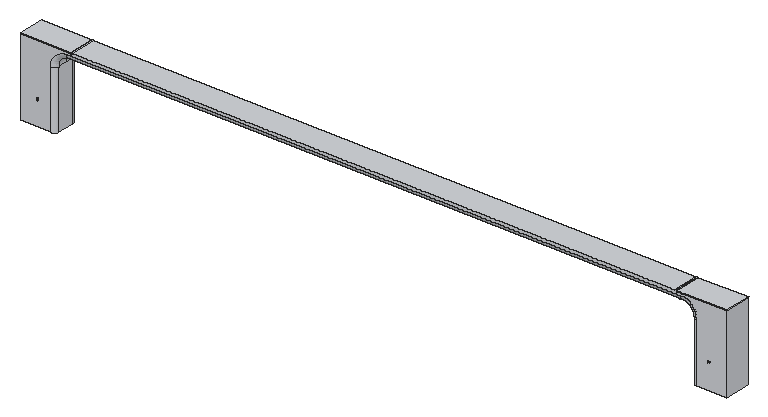
Revit family "Accessory-Towel_Bar-KOHLER-STRAYT-K-37347T_1", category Specialty Equipment, host Face, Revit 2017
Family settings
  Host = Face
  Round Connector Dimension = Use Diameter
  Part Type = Normal
  OmniClass Number = 23.40.20.21.27
  OmniClass Title = Towel Bars
  Cut with Voids When Loaded = No
  Shared = No
  Room Calculation Point = No
Parameters (values of type "CP-Polished Chrome")
  Without Patern = Type = 1  # yes
  Width = 24.01575"  # constant formula
  White Color = Type = 3  # no
  WaterSense Certified = 1 = 0  # no
  URL = "http://www.kohler.com.cn/"
  Type = 1
  Red Color = Type = 2  # no
  Product Page URL = "https://www.kohler.com.cn/product/K-37347T-CP/K-37347T-CP/"
  Product Name = "STRAYT"  # constant formula
  Product Documentation Link = "https://files.kohler.com.cn/pdfs/ri_37347t.pdf"
  Patern Design = or(Type = 2, Type = 3)  # no
  Model = if(Type = 1, "K-37347T-CP", if(Type = 2, "K-37347T-DPR-CP", if(Type = 3, "K-37347T-DPW-CP", "NA")))  # "K-37347T-CP"
  Material = "Solid Brass Construction"  # constant formula
  Master Format 2014 Name = "Toilet, Bath, and Laundry Accessories"  # constant formula
  Master Format 2014 = "10 28 00"  # constant formula
  Manufacturer Address = "Kohler Beijing Office (100016) 36-2-03-B, No. 88, Liuxiang Road, Beijing"  # constant formula
  Manufacturer = "KOHLER Co."  # constant formula
  Length = 2 51/64"  # constant formula
  Height = 0.94488"  # constant formula
  Finish = Kohler-Metal-CP-Polished_Chrome
  Environmental Product Declaration = ""
  Description = "STRAYT Slei 24"  # constant formula
  Default Elevation = 42"
  Declare Label = ""
  Date Modified = "08/28/2020"  # constant formula
  Date Created = "08/28/2020"  # constant formula
  Copyright = "Copyright KOHLER Co."  # constant formula
  Contact Us = "http://www.kohler.com.cn/contact/contact-us/"
  Assembly Code = "C1030200"
  ADA Compliant = 1 = 0  # no
Reference planes (in)
  plane 1 "Center (Front/Back)": y = 0
  plane 2: z = 0
  plane 3 "Center (Left/Right)": x = 0
  plane 4: y = 0.47244
  plane 5: y = -0.47244
  plane 6: x = -12.6378
  plane 7: x = 12.6378
  plane 8: x = -12.00787
  plane 9: x = 12.00787
  plane 10: x = 11.37795
  plane 11: x = -11.37795
  plane 12: x = -10.82677
  plane 13: x = 10.82677
  plane 14: z = 2.79687
  plane 15: z = 2.68344
  plane 16: z = 2.51906
  plane 17: x = -11.54331
  plane 18: x = 11.54331
  plane 19: z = 0.90551
Dimensions and locks (in)
  "Height": plane 4 to plane 5
  level to plane 16 = 2.51906"
  "Length": plane 14 to level
  locked: plane 7 to plane 10 at 1.25984
  locked: plane 6 to plane 11 at 1.25984
  "Width": plane 8 to plane 9
  locked: plane 6 to plane 7 at 25.27559
  aligned and locked: plane 2 to host face
  aligned and locked: level to host face
Automatic sketch dimensions
  host sketch curve to host sketch curve = 96"  (x2)
Nested families (in)
  nested 1: "K-37347T" at (0, 0, 0), type "K-37347T"
Definition of nested family "K-37347T"
  Parameters (values of type "K-37347T")
    Without patern = yes
    White Color = yes
    Red Color = yes
    Patern = yes
    Material = none
  Reference planes (in)
    plane 1 "Center (Front/Back)": y = 0
    plane 2: z = 0
    plane 3 "Center (Left/Right)": x = 0
    plane 4: y = 0.47244
    plane 5: y = -0.47244
    plane 6: x = 12.6378
    plane 7: x = 10.7838
    plane 8: x = -12.6378
    plane 9: x = -11.54331
    plane 10: x = -11.37795
    plane 11: x = 11.54331
    plane 12: x = 11.37795
    plane 13: x = -12.00796
    plane 14: x = 12.00779
    plane 15: z = 2.79723
    plane 16: z = 2.51906
    plane 17: z = 2.68344
    plane 18: z = 0.90551
    plane 19: x = -10.7838
  Forms (in)
    Sweep 1, solid, material <- "Material", detail levels medium+fine
      path origin (0, 0, 0) x (1, 0, 0) y (0, 0, 1)
        loop
          line (-11.37795, 0) -> (-11.37795, 2.11382)
          arc (-11.37795, 2.11382) -> (-11.25918, 2.40056) -> (-10.97244, 2.51933) r 0.40551
          line (-10.97244, 2.51933) -> (10.97244, 2.51933)
          arc (10.97244, 2.51933) -> (11.25918, 2.40056) -> (11.37795, 2.11382) r 0.40551
          line (11.37795, 2.11382) -> (11.37795, 0)
      profile origin (0, 0, 2.51933) x (0, 0, 1) y (0, -1, 0)
        loop
          arc (0, -0.30709) -> (0.04843, -0.42401) -> (0.16535, -0.47244) r 0.16535
          line (0.16535, -0.47244) -> (0.16535, 0.47244)
          arc (0.16535, 0.47244) -> (0.04843, 0.42401) -> (0, 0.30709) r 0.16535
          line (0, 0.30709) -> (0, 0) -> (0, -0.30709)
    Extrusion 2, solid, material <- "Material", detail levels medium+fine
      sketch origin (0, 0, -0.25) x (1, 0, 0) y (0, 0, 1)
        loop
          line (-10.82677, 3.04709) -> (-10.82677, 3.01603) -> (-12.63682, 3.01603) -> (-12.63682, 0.25254) -> (-11.54331, 0.25254) -> (-11.54331, 2.36382)
          arc (-11.54331, 2.36382) -> (-11.3761, 2.76749) -> (-10.97244, 2.93469) r 0.57087
          line (-10.97244, 2.93469) -> (10.97244, 2.93469)
          arc (10.97244, 2.93469) -> (11.3761, 2.76749) -> (11.54331, 2.36382) r 0.57087
          line (11.54331, 2.36382) -> (11.54331, 0.25) -> (12.6378, 0.25) -> (12.6378, 3.01407) -> (10.82677, 3.01407) -> (10.82677, 3.04709) -> (-10.82677, 3.04709)
      from -0.47244 to 0.47244
    Extrusion 3, solid, material <- "Material", visible <- "Without patern", detail levels medium+fine
      sketch origin (0.00098, 0, -2.79504) x (1, 0, 0) y (0, 0, 1)
        loop
          line (-10.82677, 5.59055) -> (-12.6378, 5.59055) -> (-12.6378, 5.55912) -> (-10.82677, 5.55912) -> (-10.82677, 5.59055)
        loop
          line (10.82677, 5.59055) -> (10.82677, 5.55912) -> (12.6378, 5.55912) -> (12.6378, 5.59055) -> (10.82677, 5.59055)
      from -0.47244 to 0.47244
    Extrusion 4, void
      sketch origin (0, 0, -2.79529) x (1, 0, 0) y (0, 1, 0)
        loop
          line (-11.98474, 0.37402) -> (-12.28645, 0.37402)
          arc (-12.28645, 0.37402) -> (-12.29815, 0.36508) -> (-12.29262, 0.35143) r 0.01214
          line (-12.29262, 0.35143) -> (-11.90446, 0.12204)
          arc (-11.90446, 0.12204) -> (-11.88894, 0.12323) -> (-11.88471, 0.13821) r 0.01359
          line (-11.88471, 0.13821) -> (-11.96087, 0.35705)
          arc (-11.96087, 0.35705) -> (-11.97009, 0.36934) -> (-11.98474, 0.37402) r 0.02528
        loop
          line (-11.86034, 0.2294) -> (-11.73937, 0.18573)
          arc (-11.73937, 0.18573) -> (-11.72325, 0.18595) -> (-11.71127, 0.19672) r 0.02289
          line (-11.71127, 0.19672) -> (-11.63192, 0.34968)
          arc (-11.63192, 0.34968) -> (-11.63247, 0.36601) -> (-11.64671, 0.37402) r 0.01666
          line (-11.64671, 0.37402) -> (-11.89669, 0.37402)
          arc (-11.89669, 0.37402) -> (-11.91314, 0.36553) -> (-11.91575, 0.3472) r 0.02018
          line (-11.91575, 0.3472) -> (-11.8826, 0.25193)
          arc (-11.8826, 0.25193) -> (-11.87401, 0.23815) -> (-11.86034, 0.2294) r 0.03681
        loop
          line (-11.94585, -0.1532) -> (-11.82863, -0.08535)
          arc (-11.82863, -0.08535) -> (-11.8176, -0.07227) -> (-11.81742, -0.05517) r 0.02528
          line (-11.81742, -0.05517) -> (-11.84614, 0.02736)
          arc (-11.84614, 0.02736) -> (-11.85514, 0.04343) -> (-11.86911, 0.05542) r 0.05272
          line (-11.86911, 0.05542) -> (-11.92807, 0.09026)
          arc (-11.92807, 0.09026) -> (-11.9443, 0.09421) -> (-11.95997, 0.08843) r 0.02868
          line (-11.95997, 0.08843) -> (-12.06822, 0.00644)
          arc (-12.06822, 0.00644) -> (-12.0774, -0.00952) -> (-12.0723, -0.02723) r 0.0236
          line (-12.0723, -0.02723) -> (-11.97449, -0.14792)
          arc (-11.97449, -0.14792) -> (-11.96114, -0.15585) -> (-11.94585, -0.1532) r 0.02241
        loop
          line (-11.66176, 0.15772) -> (-11.45307, 0.08238)
          arc (-11.45307, 0.08238) -> (-11.43856, 0.08612) -> (-11.43675, 0.101) r 0.01329
          line (-11.43675, 0.101) -> (-11.56337, 0.34552)
          arc (-11.56337, 0.34552) -> (-11.57654, 0.35354) -> (-11.58972, 0.34553) r 0.01484
          line (-11.58972, 0.34553) -> (-11.67268, 0.18562)
          arc (-11.67268, 0.18562) -> (-11.67355, 0.1692) -> (-11.66176, 0.15772) r 0.01992
        loop
          line (-11.52194, 0.35113) -> (-11.45077, 0.21368)
          arc (-11.45077, 0.21368) -> (-11.44037, 0.20138) -> (-11.42568, 0.19478) r 0.03629
          line (-11.42568, 0.19478) -> (-11.0758, 0.1246)
          arc (-11.0758, 0.1246) -> (-11.06273, 0.13102) -> (-11.06553, 0.14531) r 0.01197
          line (-11.06553, 0.14531) -> (-11.31162, 0.36235)
          arc (-11.31162, 0.36235) -> (-11.32599, 0.371) -> (-11.34248, 0.37402) r 0.04665
          line (-11.34248, 0.37402) -> (-11.50802, 0.37402)
          arc (-11.50802, 0.37402) -> (-11.52141, 0.36649) -> (-11.52194, 0.35113) r 0.01568
        loop
          line (-11.57826, 0.08572) -> (-11.83035, 0.17672)
          arc (-11.83035, 0.17672) -> (-11.84611, 0.17326) -> (-11.84976, 0.15754) r 0.01511
          line (-11.84976, 0.15754) -> (-11.78383, -0.03191)
          arc (-11.78383, -0.03191) -> (-11.77189, -0.0441) -> (-11.75488, -0.04266) r 0.02002
          line (-11.75488, -0.04266) -> (-11.57604, 0.06087)
          arc (-11.57604, 0.06087) -> (-11.56923, 0.074) -> (-11.57826, 0.08572) r 0.01376
        loop
          line (-11.51731, 0.04937) -> (-11.62717, -0.01422)
          arc (-11.62717, -0.01422) -> (-11.63998, -0.0253) -> (-11.64783, -0.0403) r 0.04528
          line (-11.64783, -0.0403) -> (-11.6728, -0.12293)
          arc (-11.6728, -0.12293) -> (-11.6721, -0.13858) -> (-11.66176, -0.15034) r 0.0236
          line (-11.66176, -0.15034) -> (-11.51071, -0.23505)
          arc (-11.51071, -0.23505) -> (-11.49461, -0.23791) -> (-11.48022, -0.23016) r 0.02486
          line (-11.48022, -0.23016) -> (-11.35657, -0.09523)
          arc (-11.35657, -0.09523) -> (-11.3492, -0.07946) -> (-11.3522, -0.0623) r 0.029
          line (-11.3522, -0.0623) -> (-11.38455, 0.00017)
          arc (-11.38455, 0.00017) -> (-11.39719, 0.01631) -> (-11.41484, 0.02673) r 0.05523
          line (-11.41484, 0.02673) -> (-11.48546, 0.05222)
          arc (-11.48546, 0.05222) -> (-11.5017, 0.05432) -> (-11.51731, 0.04937) r 0.03789
        loop
          line (-11.72269, -0.06952) -> (-11.91851, -0.18287)
          arc (-11.91851, -0.18287) -> (-11.92748, -0.19558) -> (-11.92364, -0.21066) r 0.01859
          line (-11.92364, -0.21066) -> (-11.80914, -0.35193)
          arc (-11.80914, -0.35193) -> (-11.7937, -0.35753) -> (-11.78152, -0.34651) r 0.01593
          line (-11.78152, -0.34651) -> (-11.7026, -0.08543)
          arc (-11.7026, -0.08543) -> (-11.70723, -0.07064) -> (-11.72269, -0.06952) r 0.01378
        loop
          line (-11.5689, -0.27454) -> (-11.55158, -0.35276)
          arc (-11.55158, -0.35276) -> (-11.54208, -0.36805) -> (-11.5251, -0.37402) r 0.02712
          line (-11.5251, -0.37402) -> (-11.38916, -0.37402)
          arc (-11.38916, -0.37402) -> (-11.37759, -0.36508) -> (-11.38331, -0.35163) r 0.01196
          line (-11.38331, -0.35163) -> (-11.5482, -0.25916)
          arc (-11.5482, -0.25916) -> (-11.56353, -0.26014) -> (-11.5689, -0.27454) r 0.01413
        loop
          line (-11.2632, -0.05162) -> (-11.44171, -0.24641)
          arc (-11.44171, -0.24641) -> (-11.44656, -0.26259) -> (-11.43689, -0.27644) r 0.0194
          line (-11.43689, -0.27644) -> (-11.30606, -0.34981)
          arc (-11.30606, -0.34981) -> (-11.29013, -0.35023) -> (-11.28077, -0.33733) r 0.0171
          line (-11.28077, -0.33733) -> (-11.24108, -0.06211)
          arc (-11.24108, -0.06211) -> (-11.24827, -0.0487) -> (-11.2632, -0.05162) r 0.01281
        loop
          line (-12.31308, 0.28791) -> (-12.20109, -0.01541)
          arc (-12.20109, -0.01541) -> (-12.18915, -0.02655) -> (-12.17308, -0.02359) r 0.01817
          line (-12.17308, -0.02359) -> (-12.00187, 0.10609)
          arc (-12.00187, 0.10609) -> (-11.99502, 0.12091) -> (-12.00351, 0.13485) r 0.01735
          line (-12.00351, 0.13485) -> (-12.29211, 0.3054)
          arc (-12.29211, 0.3054) -> (-12.30877, 0.30405) -> (-12.31308, 0.28791) r 0.01449
        loop
          line (-12.14023, -0.0481) -> (-12.28097, -0.1547)
          arc (-12.28097, -0.1547) -> (-12.28608, -0.16889) -> (-12.27518, -0.17932) r 0.01383
          line (-12.27518, -0.17932) -> (-11.98523, -0.23396)
          arc (-11.98523, -0.23396) -> (-11.97152, -0.22778) -> (-11.97259, -0.21278) r 0.01314
          line (-11.97259, -0.21278) -> (-12.10234, -0.0527)
          arc (-12.10234, -0.0527) -> (-12.12035, -0.04273) -> (-12.14023, -0.0481) r 0.02744
        loop
          line (-12.42257, -0.23683) -> (-12.51395, -0.15213)
          arc (-12.51395, -0.15213) -> (-12.53029, -0.14936) -> (-12.53937, -0.16323) r 0.01513
          line (-12.53937, -0.16323) -> (-12.53937, -0.3184)
          arc (-12.53937, -0.3184) -> (-12.53072, -0.33262) -> (-12.51412, -0.33146) r 0.016
          line (-12.51412, -0.33146) -> (-12.42463, -0.26812)
          arc (-12.42463, -0.26812) -> (-12.41615, -0.25296) -> (-12.42257, -0.23683) r 0.02019
        loop
          line (-12.52628, 0.30607) -> (-12.32591, 0.13997)
          arc (-12.32591, 0.13997) -> (-12.31032, 0.13938) -> (-12.30571, 0.15428) r 0.01282
          line (-12.30571, 0.15428) -> (-12.37901, 0.35281)
          arc (-12.37901, 0.35281) -> (-12.39089, 0.36819) -> (-12.40945, 0.37402) r 0.03245
          line (-12.40945, 0.37402) -> (-12.50178, 0.37402)
          arc (-12.50178, 0.37402) -> (-12.53789, 0.34865) -> (-12.52628, 0.30607) r 0.03839
        loop
          line (-12.53937, 0.23593) -> (-12.53937, 0.02135)
          arc (-12.53937, 0.02135) -> (-12.52932, 0.00888) -> (-12.51499, 0.01605) r 0.01276
          line (-12.51499, 0.01605) -> (-12.4484, 0.16194)
          arc (-12.4484, 0.16194) -> (-12.44647, 0.18085) -> (-12.45644, 0.19704) r 0.02962
          line (-12.45644, 0.19704) -> (-12.51639, 0.24673)
          arc (-12.51639, 0.24673) -> (-12.53131, 0.24863) -> (-12.53937, 0.23593) r 0.01403
        loop
          line (-12.41716, 0.13558) -> (-12.51259, -0.07349)
          arc (-12.51259, -0.07349) -> (-12.51457, -0.09063) -> (-12.50614, -0.10569) r 0.02804
          line (-12.50614, -0.10569) -> (-12.46538, -0.14347) -> (-12.37532, -0.16045)
          arc (-12.37532, -0.16045) -> (-12.35891, -0.16008) -> (-12.34405, -0.15309) r 0.03963
          line (-12.34405, -0.15309) -> (-12.24091, -0.07497)
          arc (-12.24091, -0.07497) -> (-12.23157, -0.06142) -> (-12.23214, -0.04497) r 0.02623
          line (-12.23214, -0.04497) -> (-12.25513, 0.01728)
          arc (-12.25513, 0.01728) -> (-12.26411, 0.03433) -> (-12.27721, 0.04847) r 0.07365
          line (-12.27721, 0.04847) -> (-12.38984, 0.14183)
          arc (-12.38984, 0.14183) -> (-12.40505, 0.14545) -> (-12.41716, 0.13558) r 0.01764
        loop
          line (-12.46741, -0.37402) -> (-12.30835, -0.37402)
          arc (-12.30835, -0.37402) -> (-12.29602, -0.36561) -> (-12.29935, -0.35106) r 0.01324
          line (-12.29935, -0.35106) -> (-12.35962, -0.29519)
          arc (-12.35962, -0.29519) -> (-12.37531, -0.28843) -> (-12.39175, -0.29307) r 0.02555
          line (-12.39175, -0.29307) -> (-12.47452, -0.35167)
          arc (-12.47452, -0.35167) -> (-12.47914, -0.36544) -> (-12.46741, -0.37402) r 0.01231
        loop
          arc (-12.36809, -0.20064) -> (-12.38223, -0.20763) -> (-12.37944, -0.22315) r 0.01312
          line (-12.37944, -0.22315) -> (-12.21669, -0.37402) -> (-12.17058, -0.37402) -> (-12.09977, -0.27498)
          arc (-12.09977, -0.27498) -> (-12.09788, -0.25929) -> (-12.1101, -0.24927) r 0.01644
          line (-12.1101, -0.24927) -> (-12.36809, -0.20064)
        loop
          line (-11.9327, -0.28392) -> (-12.02601, -0.26634)
          arc (-12.02601, -0.26634) -> (-12.04349, -0.26828) -> (-12.0569, -0.27967) r 0.03007
          line (-12.0569, -0.27967) -> (-12.10286, -0.35139)
          arc (-12.10286, -0.35139) -> (-12.10338, -0.36637) -> (-12.09049, -0.37402) r 0.0147
          line (-12.09049, -0.37402) -> (-11.87364, -0.37402)
          arc (-11.87364, -0.37402) -> (-11.85999, -0.3654) -> (-11.86189, -0.34937) r 0.01512
          line (-11.86189, -0.34937) -> (-11.8983, -0.30445)
          arc (-11.8983, -0.30445) -> (-11.91368, -0.29113) -> (-11.9327, -0.28392) r 0.05814
        loop
          line (-11.63869, -0.20842) -> (-11.66997, -0.19088)
          arc (-11.66997, -0.19088) -> (-11.68585, -0.18986) -> (-11.69659, -0.2016) r 0.0184
          line (-11.69659, -0.2016) -> (-11.74125, -0.34936)
          arc (-11.74125, -0.34936) -> (-11.7383, -0.36629) -> (-11.72295, -0.37402) r 0.01912
          line (-11.72295, -0.37402) -> (-11.61246, -0.37402)
          arc (-11.61246, -0.37402) -> (-11.59664, -0.36643) -> (-11.59266, -0.34934) r 0.02029
          line (-11.59266, -0.34934) -> (-11.61758, -0.23684)
          arc (-11.61758, -0.23684) -> (-11.6251, -0.22037) -> (-11.63869, -0.20842) r 0.04333
        loop
          line (-10.94758, 0.37402) -> (-10.99224, 0.37402)
          arc (-10.99224, 0.37402) -> (-11.00955, 0.36973) -> (-11.02286, 0.35787) r 0.0371
          line (-11.02286, 0.35787) -> (-11.09494, 0.25255)
          arc (-11.09494, 0.25255) -> (-11.09906, 0.23561) -> (-11.09091, 0.22019) r 0.02462
          line (-11.09091, 0.22019) -> (-10.95591, 0.10112)
          arc (-10.95591, 0.10112) -> (-10.93608, 0.09813) -> (-10.9252, 0.11498) r 0.01848
          line (-10.9252, 0.11498) -> (-10.9252, 0.35163)
          arc (-10.9252, 0.35163) -> (-10.93175, 0.36746) -> (-10.94758, 0.37402) r 0.02238
        loop
          line (-11.08902, 0.37402) -> (-11.22896, 0.37402)
          arc (-11.22896, 0.37402) -> (-11.24182, 0.36513) -> (-11.23806, 0.34996) r 0.01374
          line (-11.23806, 0.34996) -> (-11.15419, 0.276)
          arc (-11.15419, 0.276) -> (-11.13827, 0.27108) -> (-11.12403, 0.27975) r 0.02028
          line (-11.12403, 0.27975) -> (-11.07618, 0.34967)
          arc (-11.07618, 0.34967) -> (-11.07526, 0.36571) -> (-11.08902, 0.37402) r 0.01556
        loop
          line (-10.94943, 0.02984) -> (-11.12887, -0.15115)
          arc (-11.12887, -0.15115) -> (-11.13295, -0.16564) -> (-11.12282, -0.17677) r 0.01551
          line (-11.12282, -0.17677) -> (-10.9512, -0.23469)
          arc (-10.9512, -0.23469) -> (-10.93341, -0.23202) -> (-10.9252, -0.21602) r 0.0197
          line (-10.9252, -0.21602) -> (-10.92523, 0.01988)
          arc (-10.92523, 0.01988) -> (-10.934, 0.03296) -> (-10.94943, 0.02984) r 0.01415
        loop
          line (-11.1704, -0.13712) -> (-10.99071, 0.04412)
          arc (-10.99071, 0.04412) -> (-10.98709, 0.05876) -> (-10.99826, 0.06889) r 0.0147
          line (-10.99826, 0.06889) -> (-11.15324, 0.09998)
          arc (-11.15324, 0.09998) -> (-11.17116, 0.09619) -> (-11.18072, 0.08058) r 0.02316
          line (-11.18072, 0.08058) -> (-11.20281, -0.07258)
          arc (-11.20281, -0.07258) -> (-11.20186, -0.08994) -> (-11.19429, -0.10559) r 0.0442
          line (-11.19429, -0.10559) -> (-11.1704, -0.13712)
        loop
          line (-11.29858, -0.03195) -> (-11.22518, 0.04814) -> (-11.21891, 0.09158)
          arc (-11.21891, 0.09158) -> (-11.22278, 0.10768) -> (-11.23665, 0.11671) r 0.02237
          line (-11.23665, 0.11671) -> (-11.39012, 0.1475)
          arc (-11.39012, 0.1475) -> (-11.40447, 0.14204) -> (-11.40575, 0.12675) r 0.01441
          line (-11.40575, 0.12675) -> (-11.32542, -0.02839)
          arc (-11.32542, -0.02839) -> (-11.31293, -0.03717) -> (-11.29858, -0.03195) r 0.01652
        loop
          line (-11.05868, -0.34976) -> (-11.1941, -0.17104)
          arc (-11.1941, -0.17104) -> (-11.20804, -0.16619) -> (-11.2179, -0.17718) r 0.01332
          line (-11.2179, -0.17718) -> (-11.24333, -0.35353)
          arc (-11.24333, -0.35353) -> (-11.23913, -0.36782) -> (-11.22558, -0.37402) r 0.01793
          line (-11.22558, -0.37402) -> (-11.07073, -0.37402)
          arc (-11.07073, -0.37402) -> (-11.05719, -0.36562) -> (-11.05868, -0.34976) r 0.01512
        loop
          line (-11.07888, -0.25791) -> (-10.99091, -0.37402) -> (-10.95199, -0.37402)
          arc (-10.95199, -0.37402) -> (-10.93304, -0.36617) -> (-10.9252, -0.34722) r 0.02679
          line (-10.9252, -0.34722) -> (-10.9252, -0.30537)
          arc (-10.9252, -0.30537) -> (-10.93052, -0.28883) -> (-10.94449, -0.2785) r 0.02836
          line (-10.94449, -0.2785) -> (-11.06454, -0.23799)
          arc (-11.06454, -0.23799) -> (-11.07907, -0.24265) -> (-11.07888, -0.25791) r 0.01284
        loop
          arc (11.98474, 0.37402) -> (11.97009, 0.36934) -> (11.96087, 0.35705) r 0.02528
          line (11.96087, 0.35705) -> (11.88471, 0.13821)
          arc (11.88471, 0.13821) -> (11.88894, 0.12323) -> (11.90446, 0.12204) r 0.01359
          line (11.90446, 0.12204) -> (12.29262, 0.35143)
          arc (12.29262, 0.35143) -> (12.29815, 0.36508) -> (12.28645, 0.37402) r 0.01214
          line (12.28645, 0.37402) -> (11.98474, 0.37402)
        loop
          arc (11.86034, 0.2294) -> (11.87401, 0.23815) -> (11.8826, 0.25193) r 0.03681
          line (11.8826, 0.25193) -> (11.91575, 0.3472)
          arc (11.91575, 0.3472) -> (11.91314, 0.36553) -> (11.89669, 0.37402) r 0.02018
          line (11.89669, 0.37402) -> (11.64671, 0.37402)
          arc (11.64671, 0.37402) -> (11.63247, 0.36601) -> (11.63192, 0.34968) r 0.01666
          line (11.63192, 0.34968) -> (11.71127, 0.19672)
          arc (11.71127, 0.19672) -> (11.72325, 0.18595) -> (11.73937, 0.18573) r 0.02289
          line (11.73937, 0.18573) -> (11.86034, 0.2294)
        loop
          arc (11.94585, -0.1532) -> (11.96114, -0.15585) -> (11.97449, -0.14792) r 0.02241
          line (11.97449, -0.14792) -> (12.0723, -0.02723)
          arc (12.0723, -0.02723) -> (12.0774, -0.00952) -> (12.06822, 0.00644) r 0.0236
          line (12.06822, 0.00644) -> (11.95997, 0.08843)
          arc (11.95997, 0.08843) -> (11.9443, 0.09421) -> (11.92807, 0.09026) r 0.02868
          line (11.92807, 0.09026) -> (11.86911, 0.05542)
          arc (11.86911, 0.05542) -> (11.85514, 0.04343) -> (11.84614, 0.02736) r 0.05272
          line (11.84614, 0.02736) -> (11.81742, -0.05517)
          arc (11.81742, -0.05517) -> (11.8176, -0.07227) -> (11.82863, -0.08535) r 0.02528
          line (11.82863, -0.08535) -> (11.94585, -0.1532)
        loop
          arc (11.66176, 0.15772) -> (11.67355, 0.1692) -> (11.67268, 0.18562) r 0.01992
          line (11.67268, 0.18562) -> (11.58972, 0.34553)
          arc (11.58972, 0.34553) -> (11.57654, 0.35354) -> (11.56337, 0.34552) r 0.01484
          line (11.56337, 0.34552) -> (11.43675, 0.101)
          arc (11.43675, 0.101) -> (11.43856, 0.08612) -> (11.45307, 0.08238) r 0.01329
          line (11.45307, 0.08238) -> (11.66176, 0.15772)
        loop
          arc (11.52194, 0.35113) -> (11.52141, 0.36649) -> (11.50802, 0.37402) r 0.01568
          line (11.50802, 0.37402) -> (11.34248, 0.37402)
          arc (11.34248, 0.37402) -> (11.32599, 0.371) -> (11.31162, 0.36235) r 0.04665
          line (11.31162, 0.36235) -> (11.06553, 0.14531)
          arc (11.06553, 0.14531) -> (11.06273, 0.13102) -> (11.0758, 0.1246) r 0.01197
          line (11.0758, 0.1246) -> (11.42568, 0.19478)
          arc (11.42568, 0.19478) -> (11.44037, 0.20138) -> (11.45077, 0.21368) r 0.03629
          line (11.45077, 0.21368) -> (11.52194, 0.35113)
        loop
          arc (11.57826, 0.08572) -> (11.56923, 0.074) -> (11.57604, 0.06087) r 0.01376
          line (11.57604, 0.06087) -> (11.75488, -0.04266)
          arc (11.75488, -0.04266) -> (11.77189, -0.0441) -> (11.78383, -0.03191) r 0.02002
          line (11.78383, -0.03191) -> (11.84976, 0.15754)
          arc (11.84976, 0.15754) -> (11.84611, 0.17326) -> (11.83035, 0.17672) r 0.01511
          line (11.83035, 0.17672) -> (11.57826, 0.08572)
        loop
          arc (11.51731, 0.04937) -> (11.5017, 0.05432) -> (11.48546, 0.05222) r 0.03789
          line (11.48546, 0.05222) -> (11.41484, 0.02673)
          arc (11.41484, 0.02673) -> (11.39719, 0.01631) -> (11.38455, 0.00017) r 0.05523
          line (11.38455, 0.00017) -> (11.3522, -0.0623)
          arc (11.3522, -0.0623) -> (11.3492, -0.07946) -> (11.35657, -0.09523) r 0.029
          line (11.35657, -0.09523) -> (11.48022, -0.23016)
          arc (11.48022, -0.23016) -> (11.49461, -0.23791) -> (11.51071, -0.23505) r 0.02486
          line (11.51071, -0.23505) -> (11.66176, -0.15034)
          arc (11.66176, -0.15034) -> (11.6721, -0.13858) -> (11.6728, -0.12293) r 0.0236
          line (11.6728, -0.12293) -> (11.64783, -0.0403)
          arc (11.64783, -0.0403) -> (11.63998, -0.0253) -> (11.62717, -0.01422) r 0.04528
          line (11.62717, -0.01422) -> (11.51731, 0.04937)
        loop
          arc (11.72269, -0.06952) -> (11.70723, -0.07064) -> (11.7026, -0.08543) r 0.01378
          line (11.7026, -0.08543) -> (11.78152, -0.34651)
          arc (11.78152, -0.34651) -> (11.7937, -0.35753) -> (11.80914, -0.35193) r 0.01593
          line (11.80914, -0.35193) -> (11.92364, -0.21066)
          arc (11.92364, -0.21066) -> (11.92748, -0.19558) -> (11.91851, -0.18287) r 0.01859
          line (11.91851, -0.18287) -> (11.72269, -0.06952)
        loop
          arc (11.5689, -0.27454) -> (11.56353, -0.26014) -> (11.5482, -0.25916) r 0.01413
          line (11.5482, -0.25916) -> (11.38331, -0.35163)
          arc (11.38331, -0.35163) -> (11.37759, -0.36508) -> (11.38916, -0.37402) r 0.01196
          line (11.38916, -0.37402) -> (11.5251, -0.37402)
          arc (11.5251, -0.37402) -> (11.54208, -0.36805) -> (11.55158, -0.35276) r 0.02712
          line (11.55158, -0.35276) -> (11.5689, -0.27454)
        loop
          arc (11.2632, -0.05162) -> (11.24827, -0.0487) -> (11.24108, -0.06211) r 0.01281
          line (11.24108, -0.06211) -> (11.28077, -0.33733)
          arc (11.28077, -0.33733) -> (11.29013, -0.35023) -> (11.30606, -0.34981) r 0.0171
          line (11.30606, -0.34981) -> (11.43689, -0.27644)
          arc (11.43689, -0.27644) -> (11.44656, -0.26259) -> (11.44171, -0.24641) r 0.0194
          line (11.44171, -0.24641) -> (11.2632, -0.05162)
        loop
          arc (12.31308, 0.28791) -> (12.30877, 0.30405) -> (12.29211, 0.3054) r 0.01449
          line (12.29211, 0.3054) -> (12.00351, 0.13485)
          arc (12.00351, 0.13485) -> (11.99502, 0.12091) -> (12.00187, 0.10609) r 0.01735
          line (12.00187, 0.10609) -> (12.17308, -0.02359)
          arc (12.17308, -0.02359) -> (12.18915, -0.02655) -> (12.20109, -0.01541) r 0.01817
          line (12.20109, -0.01541) -> (12.31308, 0.28791)
        loop
          arc (12.14023, -0.0481) -> (12.12035, -0.04273) -> (12.10234, -0.0527) r 0.02744
          line (12.10234, -0.0527) -> (11.97259, -0.21278)
          arc (11.97259, -0.21278) -> (11.97152, -0.22778) -> (11.98523, -0.23396) r 0.01314
          line (11.98523, -0.23396) -> (12.27518, -0.17932)
          arc (12.27518, -0.17932) -> (12.28608, -0.16889) -> (12.28097, -0.1547) r 0.01383
          line (12.28097, -0.1547) -> (12.14023, -0.0481)
        loop
          arc (12.42257, -0.23683) -> (12.41615, -0.25296) -> (12.42463, -0.26812) r 0.02019
          line (12.42463, -0.26812) -> (12.51412, -0.33146)
          arc (12.51412, -0.33146) -> (12.53072, -0.33262) -> (12.53937, -0.3184) r 0.016
          line (12.53937, -0.3184) -> (12.53937, -0.16323)
          arc (12.53937, -0.16323) -> (12.53029, -0.14936) -> (12.51395, -0.15213) r 0.01513
          line (12.51395, -0.15213) -> (12.42257, -0.23683)
        loop
          arc (12.52628, 0.30607) -> (12.53789, 0.34865) -> (12.50178, 0.37402) r 0.03839
          line (12.50178, 0.37402) -> (12.40945, 0.37402)
          arc (12.40945, 0.37402) -> (12.39089, 0.36819) -> (12.37901, 0.35281) r 0.03245
          line (12.37901, 0.35281) -> (12.30571, 0.15428)
          arc (12.30571, 0.15428) -> (12.31032, 0.13938) -> (12.32591, 0.13997) r 0.01282
          line (12.32591, 0.13997) -> (12.52628, 0.30607)
        loop
          arc (12.53937, 0.23593) -> (12.53131, 0.24863) -> (12.51639, 0.24673) r 0.01403
          line (12.51639, 0.24673) -> (12.45644, 0.19704)
          arc (12.45644, 0.19704) -> (12.44647, 0.18085) -> (12.4484, 0.16194) r 0.02962
          line (12.4484, 0.16194) -> (12.51499, 0.01605)
          arc (12.51499, 0.01605) -> (12.52932, 0.00888) -> (12.53937, 0.02135) r 0.01276
          line (12.53937, 0.02135) -> (12.53937, 0.23593)
        loop
          arc (12.41716, 0.13558) -> (12.40505, 0.14545) -> (12.38984, 0.14183) r 0.01764
          line (12.38984, 0.14183) -> (12.27721, 0.04847)
          arc (12.27721, 0.04847) -> (12.26411, 0.03433) -> (12.25513, 0.01728) r 0.07365
          line (12.25513, 0.01728) -> (12.23214, -0.04497)
          arc (12.23214, -0.04497) -> (12.23157, -0.06142) -> (12.24091, -0.07497) r 0.02623
          line (12.24091, -0.07497) -> (12.34405, -0.15309)
          arc (12.34405, -0.15309) -> (12.35891, -0.16008) -> (12.37532, -0.16045) r 0.03963
          line (12.37532, -0.16045) -> (12.46538, -0.14347) -> (12.50614, -0.10569)
          arc (12.50614, -0.10569) -> (12.51457, -0.09063) -> (12.51259, -0.07349) r 0.02804
          line (12.51259, -0.07349) -> (12.41716, 0.13558)
        loop
          arc (12.46741, -0.37402) -> (12.47914, -0.36544) -> (12.47452, -0.35167) r 0.01231
          line (12.47452, -0.35167) -> (12.39175, -0.29307)
          arc (12.39175, -0.29307) -> (12.37531, -0.28843) -> (12.35962, -0.29519) r 0.02555
          line (12.35962, -0.29519) -> (12.29935, -0.35106)
          arc (12.29935, -0.35106) -> (12.29602, -0.36561) -> (12.30835, -0.37402) r 0.01324
          line (12.30835, -0.37402) -> (12.46741, -0.37402)
        loop
          line (12.36809, -0.20064) -> (12.1101, -0.24927)
          arc (12.1101, -0.24927) -> (12.09788, -0.25929) -> (12.09977, -0.27498) r 0.01644
          line (12.09977, -0.27498) -> (12.17058, -0.37402) -> (12.21669, -0.37402) -> (12.37944, -0.22315)
          arc (12.37944, -0.22315) -> (12.38223, -0.20763) -> (12.36809, -0.20064) r 0.01312
        loop
          arc (11.9327, -0.28392) -> (11.91368, -0.29113) -> (11.8983, -0.30445) r 0.05814
          line (11.8983, -0.30445) -> (11.86189, -0.34937)
          arc (11.86189, -0.34937) -> (11.85999, -0.3654) -> (11.87364, -0.37402) r 0.01512
          line (11.87364, -0.37402) -> (12.09049, -0.37402)
          arc (12.09049, -0.37402) -> (12.10338, -0.36637) -> (12.10286, -0.35139) r 0.0147
          line (12.10286, -0.35139) -> (12.0569, -0.27967)
          arc (12.0569, -0.27967) -> (12.04349, -0.26828) -> (12.02601, -0.26634) r 0.03007
          line (12.02601, -0.26634) -> (11.9327, -0.28392)
        loop
          arc (11.63869, -0.20842) -> (11.6251, -0.22037) -> (11.61758, -0.23684) r 0.04333
          line (11.61758, -0.23684) -> (11.59266, -0.34934)
          arc (11.59266, -0.34934) -> (11.59664, -0.36643) -> (11.61246, -0.37402) r 0.02029
          line (11.61246, -0.37402) -> (11.72295, -0.37402)
          arc (11.72295, -0.37402) -> (11.7383, -0.36629) -> (11.74125, -0.34936) r 0.01912
          line (11.74125, -0.34936) -> (11.69659, -0.2016)
          arc (11.69659, -0.2016) -> (11.68585, -0.18986) -> (11.66997, -0.19088) r 0.0184
          line (11.66997, -0.19088) -> (11.63869, -0.20842)
        loop
          arc (10.94758, 0.37402) -> (10.93175, 0.36746) -> (10.9252, 0.35163) r 0.02238
          line (10.9252, 0.35163) -> (10.9252, 0.11498)
          arc (10.9252, 0.11498) -> (10.93608, 0.09813) -> (10.95591, 0.10112) r 0.01848
          line (10.95591, 0.10112) -> (11.09091, 0.22019)
          arc (11.09091, 0.22019) -> (11.09906, 0.23561) -> (11.09494, 0.25255) r 0.02462
          line (11.09494, 0.25255) -> (11.02286, 0.35787)
          arc (11.02286, 0.35787) -> (11.00955, 0.36973) -> (10.99224, 0.37402) r 0.0371
          line (10.99224, 0.37402) -> (10.94758, 0.37402)
        loop
          arc (11.08902, 0.37402) -> (11.07526, 0.36571) -> (11.07618, 0.34967) r 0.01556
          line (11.07618, 0.34967) -> (11.12403, 0.27975)
          arc (11.12403, 0.27975) -> (11.13827, 0.27108) -> (11.15419, 0.276) r 0.02028
          line (11.15419, 0.276) -> (11.23806, 0.34996)
          arc (11.23806, 0.34996) -> (11.24182, 0.36513) -> (11.22896, 0.37402) r 0.01374
          line (11.22896, 0.37402) -> (11.08902, 0.37402)
        loop
          arc (10.94943, 0.02984) -> (10.934, 0.03296) -> (10.92523, 0.01988) r 0.01415
          line (10.92523, 0.01988) -> (10.9252, -0.21602)
          arc (10.9252, -0.21602) -> (10.93341, -0.23202) -> (10.9512, -0.23469) r 0.0197
          line (10.9512, -0.23469) -> (11.12282, -0.17677)
          arc (11.12282, -0.17677) -> (11.13295, -0.16564) -> (11.12887, -0.15115) r 0.01551
          line (11.12887, -0.15115) -> (10.94943, 0.02984)
        loop
          line (11.1704, -0.13712) -> (11.19429, -0.10559)
          arc (11.19429, -0.10559) -> (11.20186, -0.08994) -> (11.20281, -0.07258) r 0.0442
          line (11.20281, -0.07258) -> (11.18072, 0.08058)
          arc (11.18072, 0.08058) -> (11.17116, 0.09619) -> (11.15324, 0.09998) r 0.02316
          line (11.15324, 0.09998) -> (10.99826, 0.06889)
          arc (10.99826, 0.06889) -> (10.98709, 0.05876) -> (10.99071, 0.04412) r 0.0147
          line (10.99071, 0.04412) -> (11.1704, -0.13712)
        loop
          arc (11.29858, -0.03195) -> (11.31293, -0.03717) -> (11.32542, -0.02839) r 0.01652
          line (11.32542, -0.02839) -> (11.40575, 0.12675)
          arc (11.40575, 0.12675) -> (11.40447, 0.14204) -> (11.39012, 0.1475) r 0.01441
          line (11.39012, 0.1475) -> (11.23665, 0.11671)
          arc (11.23665, 0.11671) -> (11.22278, 0.10768) -> (11.21891, 0.09158) r 0.02237
          line (11.21891, 0.09158) -> (11.22518, 0.04814) -> (11.29858, -0.03195)
        loop
          arc (11.05868, -0.34976) -> (11.05719, -0.36562) -> (11.07073, -0.37402) r 0.01512
          line (11.07073, -0.37402) -> (11.22558, -0.37402)
          arc (11.22558, -0.37402) -> (11.23913, -0.36782) -> (11.24333, -0.35353) r 0.01793
          line (11.24333, -0.35353) -> (11.2179, -0.17718)
          arc (11.2179, -0.17718) -> (11.20804, -0.16619) -> (11.1941, -0.17104) r 0.01332
          line (11.1941, -0.17104) -> (11.05868, -0.34976)
        loop
          arc (11.07888, -0.25791) -> (11.07907, -0.24265) -> (11.06454, -0.23799) r 0.01284
          line (11.06454, -0.23799) -> (10.94449, -0.2785)
          arc (10.94449, -0.2785) -> (10.93052, -0.28883) -> (10.9252, -0.30537) r 0.02836
          line (10.9252, -0.30537) -> (10.9252, -0.34722)
          arc (10.9252, -0.34722) -> (10.93304, -0.36617) -> (10.95199, -0.37402) r 0.02679
          line (10.95199, -0.37402) -> (10.99091, -0.37402) -> (11.07888, -0.25791)
      from 5.44988 to 5.63017
    Extrusion 5, solid, material <- "Material", visible <- "Patern", detail levels medium+fine
      sketch origin (0, 0, -2.79309) x (1, 0, 0) y (0, 1, 0)
        loop
          line (-10.82677, -0.47244) -> (-10.82677, 0.47244) -> (-12.63693, 0.47244) -> (-12.63693, -0.47244) -> (-10.82677, -0.47244)
        loop
          line (10.82677, -0.47244) -> (12.61106, -0.47244)
          arc (12.61106, -0.47244) -> (12.63057, -0.46436) -> (12.63865, -0.44485) r 0.02759
          line (12.63865, -0.44485) -> (12.63865, 0.44394)
          arc (12.63865, 0.44394) -> (12.6303, 0.46409) -> (12.61015, 0.47244) r 0.0285
          line (12.61015, 0.47244) -> (10.82677, 0.47244) -> (10.82677, -0.47244)
      from 5.55912 to 5.59055
    Extrusion 6, solid, visible <- "Red Color", detail levels medium+fine
      sketch origin (0, 0, -2.79529) x (1, 0, 0) y (0, 0, 1)
        loop
          line (-12.60588, 5.57114) -> (-12.57284, 5.55912) -> (-10.89429, 5.55912) -> (-10.86596, 5.57114) -> (-12.60588, 5.57114)
        loop
          line (12.62992, 5.57114) -> (10.84834, 5.57114) -> (10.87668, 5.55912) -> (12.59688, 5.55912) -> (12.62992, 5.57114)
      from -0.44809 to 0.44228
    Extrusion 7, solid, visible <- "White Color", detail levels medium+fine
      sketch origin (0, 0, -2.79529) x (1, 0, 0) y (0, 0, 1)
        loop
          line (-12.60744, 5.57114) -> (-12.5744, 5.55912) -> (-10.89546, 5.55912) -> (-10.86712, 5.57114) -> (-12.60744, 5.57114)
        loop
          line (12.62992, 5.57114) -> (10.84834, 5.57114) -> (10.87668, 5.55912) -> (12.59688, 5.55912) -> (12.62992, 5.57114)
      from -0.44809 to 0.44228
    Extrusion 8, void
      sketch origin (0, 0, -2.79529) x (1, 0, 0) y (0, 1, 0)
        loop
          line (-10.86596, 0.44809) -> (-12.60588, 0.44809) -> (-12.60588, -0.44228) -> (-10.86596, -0.44228) -> (-10.86596, 0.44809)
        loop
          line (10.86596, 0.44809) -> (10.86596, -0.44228) -> (12.60588, -0.44228) -> (12.60588, 0.44809) -> (10.86596, 0.44809)
      from 5.08804 to 5.57114
    Extrusion 9, void
      sketch origin (0, 0, 0) x (1, 0, 0) y (0, 0, 1)
        loop
          line (-12.00779, 0.96234) -> (-12.057, 0.93392) -> (-12.057, 0.8771) -> (-12.00779, 0.84869) -> (-11.95857, 0.8771) -> (-11.95857, 0.93392) -> (-12.00779, 0.96234)
      from 0.44488 to 0.50915
    Extrusion 10, void
      sketch origin (0, 0, 0) x (1, 0, 0) y (0, 0, 1)
        loop
          line (12.00796, 0.96234) -> (11.95875, 0.93392) -> (11.95875, 0.8771) -> (12.00796, 0.84869) -> (12.05717, 0.8771) -> (12.05717, 0.93392) -> (12.00796, 0.96234)
      from 0.44488 to 0.51737
    Sweep 11, void
      path origin (0.03125, 0, 0) x (1, 0, 0) y (0, 1, 0)
        loop
          line (-10.82677, 0.47244) -> (-10.82677, -0.47244)
      profile origin (-10.79552, 0, 0) x (1, 0, 0) y (0, 0, 1)
        loop
          line (21.654, 2.90949) -> (21.50884, 2.90949) -> (21.58142, 2.76066) -> (21.654, 2.90949)
    Sweep 12, void
      path origin (-0.03125, 0, 0) x (-1, 0, 0) y (0, 1, 0)
        loop
          line (-10.82677, 0.47244) -> (-10.82677, -0.47244)
      profile origin (10.79552, 0, 0) x (1, 0, 0) y (0, 0, 1)
        loop
          line (-21.654, 2.90949) -> (-21.58142, 2.76066) -> (-21.50884, 2.90949) -> (-21.654, 2.90949)
    Extrusion 13, solid, material <- "Material", detail levels coarse
      sketch origin (0, 0, 0) x (1, 0, 0) y (0, 0, 1)
        loop
          line (-11.37795, 0.00254) -> (-11.37795, 2) -> (-10.84762, 2.53033) -> (10.40238, 2.53033) -> (11.36382, 1.85712) -> (11.36382, 0) -> (12.86318, 0) -> (12.86318, 3.00254) -> (-12.76182, 3.00254) -> (-12.76182, 0.00254) -> (-11.37795, 0.00254)
      from -0.57395 to 0.56467
  Cuts and joins
    Extrusion 4, Extrusion 8 cuts Extrusion 5
    Sweep 12 cuts Sweep 1
    Extrusion 9, Extrusion 10, Sweep 11, Sweep 12 cuts Extrusion 2
    joined: Sweep 1, Extrusion 2
  Lines and regions (in)
    Masking region 1
      outline origin (0, 0, 0) x (1, 0, 0) y (0, 1, 0)
        loop
          line (-12.6378, 0.44488) -> (-12.6378, -0.44488)
          arc (-12.6378, -0.44488) -> (-12.62972, -0.46437) -> (-12.61024, -0.47244) r 0.02756
          line (-12.61024, -0.47244) -> (12.61024, -0.47244)
          arc (12.61024, -0.47244) -> (12.62972, -0.46437) -> (12.6378, -0.44488) r 0.02756
          line (12.6378, -0.44488) -> (12.6378, 0.44488)
          arc (12.6378, 0.44488) -> (12.62972, 0.46437) -> (12.61024, 0.47244) r 0.02756
          line (12.61024, 0.47244) -> (-12.61024, 0.47244)
          arc (-12.61024, 0.47244) -> (-12.62972, 0.46437) -> (-12.6378, 0.44488) r 0.02756
    Masking region 2
      outline origin (0, 0, -2.7959) x (1, 0, 0) y (0, 0, 1)
        loop
          line (12.61024, 5.59299) -> (-12.61024, 5.59299)
          arc (-12.61024, 5.59299) -> (-12.62972, 5.58492) -> (-12.6378, 5.56543) r 0.02756
          line (-12.6378, 5.56543) -> (-12.6378, 2.7959) -> (-11.37795, 2.7959) -> (-11.37795, 4.90945)
          arc (-11.37795, 4.90945) -> (-11.25918, 5.19619) -> (-10.97244, 5.31496) r 0.40551
          line (-10.97244, 5.31496) -> (10.97244, 5.31496)
          arc (10.97244, 5.31496) -> (11.25918, 5.19619) -> (11.37795, 4.90945) r 0.40551
          line (11.37795, 4.90945) -> (11.37795, 2.7959) -> (12.6378, 2.7959) -> (12.6378, 5.56543)
          arc (12.6378, 5.56543) -> (12.62972, 5.58492) -> (12.61024, 5.59299) r 0.02756
    Masking region 3
      outline origin (0, 0, -2.79563) x (0, 1, 0) y (0, 0, 1)
        loop
          line (0.44488, 5.59299) -> (-0.44488, 5.59299)
          arc (-0.44488, 5.59299) -> (-0.46437, 5.58492) -> (-0.47244, 5.56543) r 0.02756
          line (-0.47244, 5.56543) -> (-0.47244, 2.79563) -> (0.47244, 2.79563) -> (0.47244, 5.56543)
          arc (0.47244, 5.56543) -> (0.46437, 5.58492) -> (0.44488, 5.59299) r 0.02756
    symbolic lines, detail levels medium+fine
      curve 1: line (11.54331, 0, 2.11257) -> (11.54331, 0, 0)
      curve 2: line (10.97244, 0, 2.68344) -> (-10.97244, 0, 2.68344)
      curve 3: arc (10.97244, 0, 2.68344) -> (11.3761, 0, 2.51624) -> (11.54331, 0, 2.11257) r 0.57087
      curve 4: line (-11.54331, 0, 2.11257) -> (-11.54331, 0, 0.00254)
      curve 5: arc (-10.97244, 0, 2.68344) -> (-11.3761, 0, 2.51624) -> (-11.54331, 0, 2.11257) r 0.57087
      curve 388: line (10.7838, 0.47244, 0) -> (10.7838, -0.47244, 0)
      curve 389: line (-10.7838, 0, 2.51906) -> (-10.7838, 0, 2.79746)
      curve 390: line (10.7838, 0, 2.51906) -> (10.7838, 0, 2.79746)
      curve 391: line (-10.7838, 0.47244, 0) -> (-10.7838, -0.47244, 0)
    symbolic lines, visible <- "Patern", detail levels medium+fine
      curve 6: arc (-12.50178, 0.37402, 0) -> (-12.53789, 0.34865, 0) -> (-12.52628, 0.30607, 0) r 0.03839
      curve 7: line (-12.40945, 0.37402, 0) -> (-12.50178, 0.37402, 0)
      curve 8: arc (-12.37901, 0.35281, 0) -> (-12.39089, 0.36819, 0) -> (-12.40945, 0.37402, 0) r 0.03245
      curve 9: line (-12.30571, 0.15428, 0) -> (-12.37901, 0.35281, 0)
      curve 10: line (-12.52628, 0.30607, 0) -> (-12.32591, 0.13997, 0)
      curve 11: arc (-12.32591, 0.13997, 0) -> (-12.31032, 0.13938, 0) -> (-12.30571, 0.15428, 0) r 0.01282
      curve 12: line (-12.45644, 0.19704, 0) -> (-12.51639, 0.24673, 0)
      curve 13: arc (-12.51639, 0.24673, 0) -> (-12.53131, 0.24863, 0) -> (-12.53937, 0.23593, 0) r 0.01403
      curve 14: line (-12.53937, 0.23593, 0) -> (-12.53937, 0.02135, 0)
      curve 15: line (-12.51499, 0.01605, 0) -> (-12.4484, 0.16194, 0)
      curve 16: arc (-12.4484, 0.16194, 0) -> (-12.44647, 0.18085, 0) -> (-12.45644, 0.19704, 0) r 0.02962
      curve 17: arc (-12.53937, 0.02135, 0) -> (-12.52932, 0.00888, 0) -> (-12.51499, 0.01605, 0) r 0.01276
      curve 18: arc (-12.38984, 0.14183, 0) -> (-12.40505, 0.14545, 0) -> (-12.41716, 0.13558, 0) r 0.01764
      curve 19: line (-12.27721, 0.04847, 0) -> (-12.38984, 0.14183, 0)
      curve 20: arc (-12.25513, 0.01728, 0) -> (-12.26411, 0.03433, 0) -> (-12.27721, 0.04847, 0) r 0.07365
      curve 21: line (-12.23214, -0.04497, 0) -> (-12.25513, 0.01728, 0)
      curve 22: arc (-12.24091, -0.07497, 0) -> (-12.23157, -0.06142, 0) -> (-12.23214, -0.04497, 0) r 0.02623
      curve 23: line (-12.34405, -0.15309, 0) -> (-12.24091, -0.07497, 0)
      curve 24: arc (-12.37532, -0.16045, 0) -> (-12.35891, -0.16008, 0) -> (-12.34405, -0.15309, 0) r 0.03963
      curve 25: line (-12.46538, -0.14347, 0) -> (-12.37532, -0.16045, 0)
      curve 26: line (-12.50614, -0.10569, 0) -> (-12.46538, -0.14347, 0)
      curve 27: arc (-12.51259, -0.07349, 0) -> (-12.51457, -0.09063, 0) -> (-12.50614, -0.10569, 0) r 0.02804
      curve 28: line (-12.41716, 0.13558, 0) -> (-12.51259, -0.07349, 0)
      curve 29: arc (-12.51395, -0.15213, 0) -> (-12.53029, -0.14936, 0) -> (-12.53937, -0.16323, 0) r 0.01513
      curve 30: line (-12.53937, -0.16323, 0) -> (-12.53937, -0.3184, 0)
      curve 31: line (-12.42257, -0.23683, 0) -> (-12.51395, -0.15213, 0)
      curve 32: arc (-12.42463, -0.26812, 0) -> (-12.41615, -0.25296, 0) -> (-12.42257, -0.23683, 0) r 0.02019
      curve 33: line (-12.51412, -0.33146, 0) -> (-12.42463, -0.26812, 0)
      curve 34: arc (-12.53937, -0.3184, 0) -> (-12.53072, -0.33262, 0) -> (-12.51412, -0.33146, 0) r 0.016
      curve 35: line (-12.53937, -0.16323, 0) -> (-12.53937, -0.3184, 0)
      curve 36: line (-12.39175, -0.29307, 0) -> (-12.47452, -0.35167, 0)
      curve 37: arc (-12.35962, -0.29519, 0) -> (-12.37531, -0.28843, 0) -> (-12.39175, -0.29307, 0) r 0.02555
      curve 38: line (-12.29935, -0.35106, 0) -> (-12.35962, -0.29519, 0)
      curve 39: arc (-12.30835, -0.37402, 0) -> (-12.29602, -0.36561, 0) -> (-12.29935, -0.35106, 0) r 0.01324
      curve 40: line (-12.46741, -0.37402, 0) -> (-12.30835, -0.37402, 0)
      curve 41: arc (-12.47452, -0.35167, 0) -> (-12.47914, -0.36544, 0) -> (-12.46741, -0.37402, 0) r 0.01231
      curve 42: line (-12.21669, -0.37402, 0) -> (-12.17058, -0.37402, 0)
      curve 43: line (-12.37944, -0.22315, 0) -> (-12.21669, -0.37402, 0)
      curve 44: arc (-12.36809, -0.20064, 0) -> (-12.38223, -0.20763, 0) -> (-12.37944, -0.22315, 0) r 0.01312
      curve 45: line (-12.1101, -0.24927, 0) -> (-12.36809, -0.20064, 0)
      curve 46: arc (-12.09977, -0.27498, 0) -> (-12.09788, -0.25929, 0) -> (-12.1101, -0.24927, 0) r 0.01644
      curve 47: line (-12.17058, -0.37402, 0) -> (-12.09977, -0.27498, 0)
      curve 48: line (-12.27518, -0.17932, 0) -> (-11.98523, -0.23396, 0)
      curve 49: arc (-12.28097, -0.1547, 0) -> (-12.28608, -0.16889, 0) -> (-12.27518, -0.17932, 0) r 0.01383
      curve 50: line (-12.14023, -0.0481, 0) -> (-12.28097, -0.1547, 0)
      curve 51: arc (-12.10234, -0.0527, 0) -> (-12.12035, -0.04273, 0) -> (-12.14023, -0.0481, 0) r 0.02744
      curve 52: line (-11.97259, -0.21278, 0) -> (-12.10234, -0.0527, 0)
      curve 53: arc (-11.98523, -0.23396, 0) -> (-11.97152, -0.22778, 0) -> (-11.97259, -0.21278, 0) r 0.01314
      curve 54: line (-12.31308, 0.28791, 0) -> (-12.20109, -0.01541, 0)
      curve 55: arc (-12.29211, 0.3054, 0) -> (-12.30877, 0.30405, 0) -> (-12.31308, 0.28791, 0) r 0.01449
      curve 56: line (-12.00351, 0.13485, 0) -> (-12.29211, 0.3054, 0)
      curve 57: arc (-12.00187, 0.10609, 0) -> (-11.99502, 0.12091, 0) -> (-12.00351, 0.13485, 0) r 0.01735
      curve 58: line (-12.17308, -0.02359, 0) -> (-12.00187, 0.10609, 0)
      curve 59: arc (-12.20109, -0.01541, 0) -> (-12.18915, -0.02655, 0) -> (-12.17308, -0.02359, 0) r 0.01817
      curve 60: line (-12.29262, 0.35143, 0) -> (-11.90446, 0.12204, 0)
      curve 61: arc (-12.28645, 0.37402, 0) -> (-12.29815, 0.36508, 0) -> (-12.29262, 0.35143, 0) r 0.01214
      curve 62: line (-11.98474, 0.37402, 0) -> (-12.28645, 0.37402, 0)
      curve 63: arc (-11.96087, 0.35705, 0) -> (-11.97009, 0.36934, 0) -> (-11.98474, 0.37402, 0) r 0.02528
      curve 64: line (-11.88471, 0.13821, 0) -> (-11.96087, 0.35705, 0)
      curve 65: arc (-11.90446, 0.12204, 0) -> (-11.88894, 0.12323, 0) -> (-11.88471, 0.13821, 0) r 0.01359
      curve 66: line (-11.86911, 0.05542, 0) -> (-11.92807, 0.09026, 0)
      curve 67: arc (-11.92807, 0.09026, 0) -> (-11.9443, 0.09421, 0) -> (-11.95997, 0.08843, 0) r 0.02868
      curve 68: line (-11.95997, 0.08843, 0) -> (-12.06822, 0.00644, 0)
      curve 69: arc (-12.06822, 0.00644, 0) -> (-12.0774, -0.00952, 0) -> (-12.0723, -0.02723, 0) r 0.0236
      curve 70: line (-12.0723, -0.02723, 0) -> (-11.97449, -0.14792, 0)
      curve 71: arc (-11.97449, -0.14792, 0) -> (-11.96114, -0.15585, 0) -> (-11.94585, -0.1532, 0) r 0.02241
      curve 72: line (-11.94585, -0.1532, 0) -> (-11.82863, -0.08535, 0)
      curve 73: arc (-11.82863, -0.08535, 0) -> (-11.8176, -0.07227, 0) -> (-11.81742, -0.05517, 0) r 0.02528
      curve 74: line (-11.81742, -0.05517, 0) -> (-11.84614, 0.02736, 0)
      curve 75: arc (-11.84614, 0.02736, 0) -> (-11.85514, 0.04343, 0) -> (-11.86911, 0.05542, 0) r 0.05272
      curve 76: line (-11.9327, -0.28392, 0) -> (-12.02601, -0.26634, 0)
      curve 77: arc (-12.02601, -0.26634, 0) -> (-12.04349, -0.26828, 0) -> (-12.0569, -0.27967, 0) r 0.03007
      curve 78: line (-12.0569, -0.27967, 0) -> (-12.10286, -0.35139, 0)
      curve 79: arc (-12.10286, -0.35139, 0) -> (-12.10338, -0.36637, 0) -> (-12.09049, -0.37402, 0) r 0.0147
      curve 80: line (-12.09049, -0.37402, 0) -> (-11.87364, -0.37402, 0)
      curve 81: arc (-11.87364, -0.37402, 0) -> (-11.85999, -0.3654, 0) -> (-11.86189, -0.34937, 0) r 0.01512
      curve 82: line (-11.86189, -0.34937, 0) -> (-11.8983, -0.30445, 0)
      curve 83: arc (-11.8983, -0.30445, 0) -> (-11.91368, -0.29113, 0) -> (-11.9327, -0.28392, 0) r 0.05814
      curve 84: line (-11.92364, -0.21066, 0) -> (-11.80914, -0.35193, 0)
      curve 85: arc (-11.80914, -0.35193, 0) -> (-11.7937, -0.35753, 0) -> (-11.78152, -0.34651, 0) r 0.01593
      curve 86: line (-11.78152, -0.34651, 0) -> (-11.7026, -0.08543, 0)
      curve 87: arc (-11.7026, -0.08543, 0) -> (-11.70723, -0.07064, 0) -> (-11.72269, -0.06952, 0) r 0.01378
      curve 88: line (-11.72269, -0.06952, 0) -> (-11.91851, -0.18287, 0)
      curve 89: arc (-11.91851, -0.18287, 0) -> (-11.92748, -0.19558, 0) -> (-11.92364, -0.21066, 0) r 0.01859
      curve 90: line (-11.75488, -0.04266, 0) -> (-11.57604, 0.06087, 0)
      curve 91: arc (-11.78383, -0.03191, 0) -> (-11.77189, -0.0441, 0) -> (-11.75488, -0.04266, 0) r 0.02002
      curve 92: line (-11.84976, 0.15754, 0) -> (-11.78383, -0.03191, 0)
      curve 93: arc (-11.83035, 0.17672, 0) -> (-11.84611, 0.17326, 0) -> (-11.84976, 0.15754, 0) r 0.01511
      curve 94: line (-11.57826, 0.08572, 0) -> (-11.83035, 0.17672, 0)
      curve 95: arc (-11.57604, 0.06087, 0) -> (-11.56923, 0.074, 0) -> (-11.57826, 0.08572, 0) r 0.01376
      curve 96: line (-11.64671, 0.37402, 0) -> (-11.89669, 0.37402, 0)
      curve 97: arc (-11.89669, 0.37402, 0) -> (-11.91314, 0.36553, 0) -> (-11.91575, 0.3472, 0) r 0.02018
      curve 98: line (-11.91575, 0.3472, 0) -> (-11.8826, 0.25193, 0)
      curve 99: arc (-11.8826, 0.25193, 0) -> (-11.87401, 0.23815, 0) -> (-11.86034, 0.2294, 0) r 0.03681
      curve 100: line (-11.86034, 0.2294, 0) -> (-11.73937, 0.18573, 0)
      curve 101: arc (-11.73937, 0.18573, 0) -> (-11.72325, 0.18595, 0) -> (-11.71127, 0.19672, 0) r 0.02289
      curve 102: line (-11.71127, 0.19672, 0) -> (-11.63192, 0.34968, 0)
      curve 103: arc (-11.63192, 0.34968, 0) -> (-11.63247, 0.36601, 0) -> (-11.64671, 0.37402, 0) r 0.01666
      curve 104: line (-11.58972, 0.34553, 0) -> (-11.67268, 0.18562, 0)
      curve 105: arc (-11.67268, 0.18562, 0) -> (-11.67355, 0.1692, 0) -> (-11.66176, 0.15772, 0) r 0.01992
      curve 106: line (-11.66176, 0.15772, 0) -> (-11.45307, 0.08238, 0)
      curve 107: arc (-11.45307, 0.08238, 0) -> (-11.43856, 0.08612, 0) -> (-11.43675, 0.101, 0) r 0.01329
      curve 108: line (-11.66176, -0.15034, 0) -> (-11.51071, -0.23505, 0)
      curve 109: arc (-11.6728, -0.12293, 0) -> (-11.6721, -0.13858, 0) -> (-11.66176, -0.15034, 0) r 0.0236
      curve 110: line (-11.64783, -0.0403, 0) -> (-11.6728, -0.12293, 0)
      curve 111: arc (-11.62717, -0.01422, 0) -> (-11.63998, -0.0253, 0) -> (-11.64783, -0.0403, 0) r 0.04528
      curve 112: line (-11.51731, 0.04937, 0) -> (-11.62717, -0.01422, 0)
      curve 113: arc (-11.48546, 0.05222, 0) -> (-11.5017, 0.05432, 0) -> (-11.51731, 0.04937, 0) r 0.03789
      curve 114: line (-11.41484, 0.02673, 0) -> (-11.48546, 0.05222, 0)
      curve 115: arc (-11.38455, 0.00017, 0) -> (-11.39719, 0.01631, 0) -> (-11.41484, 0.02673, 0) r 0.05523
      curve 116: line (-11.3522, -0.0623, 0) -> (-11.38455, 0.00017, 0)
      curve 117: arc (-11.35657, -0.09523, 0) -> (-11.3492, -0.07946, 0) -> (-11.3522, -0.0623, 0) r 0.029
      curve 118: line (-11.48022, -0.23016, 0) -> (-11.35657, -0.09523, 0)
      curve 119: arc (-11.51071, -0.23505, 0) -> (-11.49461, -0.23791, 0) -> (-11.48022, -0.23016, 0) r 0.02486
      curve 120: line (-11.38331, -0.35163, 0) -> (-11.5482, -0.25916, 0)
      curve 121: arc (-11.5482, -0.25916, 0) -> (-11.56353, -0.26014, 0) -> (-11.5689, -0.27454, 0) r 0.01413
      curve 122: line (-11.5689, -0.27454, 0) -> (-11.55158, -0.35276, 0)
      curve 123: arc (-11.55158, -0.35276, 0) -> (-11.54208, -0.36805, 0) -> (-11.5251, -0.37402, 0) r 0.02712
      curve 124: line (-11.5251, -0.37402, 0) -> (-11.38916, -0.37402, 0)
      curve 125: arc (-11.38916, -0.37402, 0) -> (-11.37759, -0.36508, 0) -> (-11.38331, -0.35163, 0) r 0.01196
      curve 126: line (-11.30606, -0.34981, 0) -> (-11.43689, -0.27644, 0)
      curve 127: arc (-11.43689, -0.27644, 0) -> (-11.44656, -0.26259, 0) -> (-11.44171, -0.24641, 0) r 0.0194
      curve 128: line (-11.44171, -0.24641, 0) -> (-11.2632, -0.05162, 0)
      curve 129: arc (-11.2632, -0.05162, 0) -> (-11.24827, -0.0487, 0) -> (-11.24108, -0.06211, 0) r 0.01281
      curve 130: line (-11.24108, -0.06211, 0) -> (-11.28077, -0.33733, 0)
      curve 131: arc (-11.28077, -0.33733, 0) -> (-11.29013, -0.35023, 0) -> (-11.30606, -0.34981, 0) r 0.0171
      curve 132: line (-11.32542, -0.02839, 0) -> (-11.40575, 0.12675, 0)
      curve 133: arc (-11.40575, 0.12675, 0) -> (-11.40447, 0.14204, 0) -> (-11.39012, 0.1475, 0) r 0.01441
      curve 134: line (-11.39012, 0.1475, 0) -> (-11.23665, 0.11671, 0)
      curve 135: arc (-11.23665, 0.11671, 0) -> (-11.22278, 0.10768, 0) -> (-11.21891, 0.09158, 0) r 0.02237
      curve 136: line (-11.21891, 0.09158, 0) -> (-11.22518, 0.04814, 0)
      curve 137: line (-11.22518, 0.04814, 0) -> (-11.29858, -0.03195, 0)
      curve 138: arc (-11.29858, -0.03195, 0) -> (-11.31293, -0.03717, 0) -> (-11.32542, -0.02839, 0) r 0.01652
      curve 139: line (-11.0758, 0.1246, 0) -> (-11.42568, 0.19478, 0)
      curve 140: arc (-11.42568, 0.19478, 0) -> (-11.44037, 0.20138, 0) -> (-11.45077, 0.21368, 0) r 0.03629
      curve 141: line (-11.45077, 0.21368, 0) -> (-11.52194, 0.35113, 0)
      curve 142: arc (-11.52194, 0.35113, 0) -> (-11.52141, 0.36649, 0) -> (-11.50802, 0.37402, 0) r 0.01568
      curve 143: line (-11.50802, 0.37402, 0) -> (-11.34248, 0.37402, 0)
      curve 144: arc (-11.34248, 0.37402, 0) -> (-11.32599, 0.371, 0) -> (-11.31162, 0.36235, 0) r 0.04665
      curve 145: line (-11.31162, 0.36235, 0) -> (-11.06553, 0.14531, 0)
      curve 146: arc (-11.06553, 0.14531, 0) -> (-11.06273, 0.13102, 0) -> (-11.0758, 0.1246, 0) r 0.01197
      curve 147: line (-11.15419, 0.276, 0) -> (-11.23806, 0.34996, 0)
      curve 148: arc (-11.23806, 0.34996, 0) -> (-11.24182, 0.36513, 0) -> (-11.22896, 0.37402, 0) r 0.01374
      curve 149: line (-11.22896, 0.37402, 0) -> (-11.08902, 0.37402, 0)
      curve 150: arc (-11.08902, 0.37402, 0) -> (-11.07526, 0.36571, 0) -> (-11.07618, 0.34967, 0) r 0.01556
      curve 151: line (-11.07618, 0.34967, 0) -> (-11.12403, 0.27975, 0)
      curve 152: arc (-11.12403, 0.27975, 0) -> (-11.13827, 0.27108, 0) -> (-11.15419, 0.276, 0) r 0.02028
      curve 153: line (-11.15324, 0.09998, 0) -> (-10.99826, 0.06889, 0)
      curve 154: arc (-10.99826, 0.06889, 0) -> (-10.98709, 0.05876, 0) -> (-10.99071, 0.04412, 0) r 0.0147
      curve 155: line (-10.99071, 0.04412, 0) -> (-11.1704, -0.13712, 0)
      curve 156: line (-11.1704, -0.13712, 0) -> (-11.19429, -0.10559, 0)
      curve 157: arc (-11.19429, -0.10559, 0) -> (-11.20186, -0.08994, 0) -> (-11.20281, -0.07258, 0) r 0.0442
      curve 158: line (-11.20281, -0.07258, 0) -> (-11.18072, 0.08058, 0)
      curve 159: arc (-11.18072, 0.08058, 0) -> (-11.17116, 0.09619, 0) -> (-11.15324, 0.09998, 0) r 0.02316
      curve 160: line (-11.1941, -0.17104, 0) -> (-11.05868, -0.34976, 0)
      curve 161: arc (-11.05868, -0.34976, 0) -> (-11.05719, -0.36562, 0) -> (-11.07073, -0.37402, 0) r 0.01512
      curve 162: line (-11.07073, -0.37402, 0) -> (-11.22558, -0.37402, 0)
      curve 163: arc (-11.22558, -0.37402, 0) -> (-11.23913, -0.36782, 0) -> (-11.24333, -0.35353, 0) r 0.01793
      curve 164: line (-11.24333, -0.35353, 0) -> (-11.2179, -0.17718, 0)
      curve 165: arc (-11.2179, -0.17718, 0) -> (-11.20804, -0.16619, 0) -> (-11.1941, -0.17104, 0) r 0.01332
